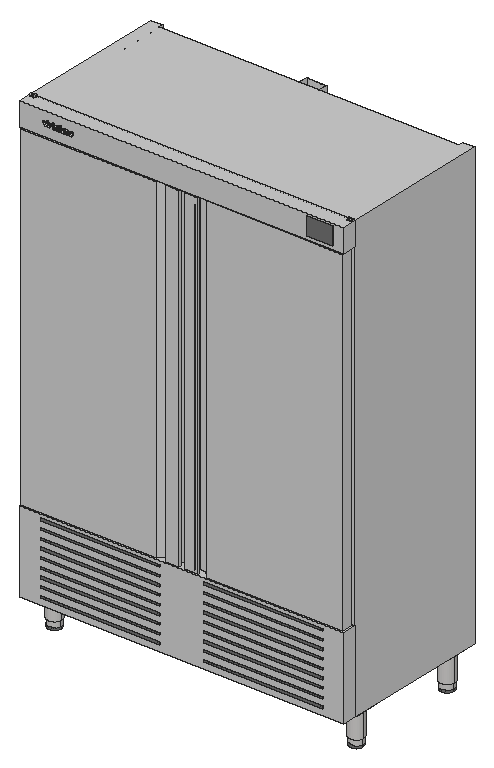
Revit family "QF_INFRICO_AN1002TF_250808093826", category Specialty Equipment, Revit 2021 (continued)
Definition of nested family "QF_INFRICO_LEGS_REACH_INS_5307"
  Definition of nested family "QF_INFRICO_LEGS"
    Parameters
      Default Elevation = 0 mm
    Reference planes
      plane 1 "Center (Front/Back)": y = 0
      plane 2: z = 0
      plane 3 "Center (Left/Right)": x = 0
      plane 4 "Top": z = 140
    Forms (mm)
      Extrusion 1, solid
        sketch origin (0, 0, 140) x (0, 1, 0) y (-1, 0, 0)
          loop
            line (50, 45) -> (-50, 45) -> (-50, -45) -> (50, -45) -> (50, 45)
        from 0 to -3
      Extrusion 2, solid
        sketch origin (-199.986, 580, 0) x (1, 0, 0) y (0, 1, 0)
          loop
            circle (199.986, -580) r 28
        from 9 to 35
      Extrusion 3, solid
        sketch origin (-199.986, 580, 0) x (1, 0, 0) y (0, 1, 0)
          loop
            circle (199.986, -580) r 28.5
        from 0 to 9
      Sweep 4, solid
        path origin (0, 0, 0) x (0, 1, 0) y (0, 0, 1)
          loop
            line (0, 137) -> (0, 35)
        profile origin (0, 0, 86) x (1, 0, 0) y (0, 1, 0)
          loop
            circle (0, 0) r 32
    Dimensions and locks
      "Height": plane 4 "Top" to plane 2
      aligned and locked: level to plane 2
    Automatic sketch dimensions
      plane 1 "Center (Front/Back)" to Extrusion 1 sketch curve = 50 mm
      Extrusion 1 sketch curve to plane 1 "Center (Front/Back)" = 50 mm
      plane 3 "Center (Left/Right)" to Extrusion 1 sketch curve = 45 mm
      Extrusion 1 sketch curve to plane 3 "Center (Left/Right)" = 45 mm
      plane 1 "Center (Front/Back)" to Extrusion 2 sketch curve = 0 mm
      Extrusion 2 sketch curve to plane 3 "Center (Left/Right)" = 0 mm
      plane 1 "Center (Front/Back)" to Extrusion 3 sketch curve = 0 mm
      Extrusion 3 sketch curve to plane 3 "Center (Left/Right)" = 0 mm
      Sweep 4 sketch curve to plane 1 "Center (Front/Back)" = 0 mm
      level to Sweep 4 sketch curve = 35 mm
      Sweep 4 sketch curve to plane 4 "Top" = 3 mm
      Sweep 4 sketch curve to plane 3 "Center (Left/Right)" = 0 mm
      profile plane to Sweep 4 sketch curve = 0 mm
      radius of Extrusion 2 sketch curve = 28 mm
      radius of Extrusion 3 sketch curve = 28.5 mm
      radius of Sweep 4 sketch curve = 32 mm
Definition of nested family "CONN_POINT_DRAIN_2D___Generic_Annotation"
  Parameters (values of type "CONN_POINT_DRAIN_2D___Generic_Annotation")
    Onboard connection annotation symbol visibility [instance] = yes
  Reference planes
    plane 1: y = 0
    plane 2: x = 0
  Lines and regions (mm)
    detail lines, visible <- "Onboard connection annotation symbol visibility"
      curve 1: circle (0, 0, 0) r 0.5 normal (0, 0, 1)
      curve 2: line (-1, 0, 0) -> (1, 0, 0)
      curve 3: line (0, 1, 0) -> (0, -1, 0)
      curve 4: line (1.776, 1, 0) -> (1.25, 1, 0)
      curve 5: line (1.25, 1, 0) -> (1.25, -1, 0)
      curve 6: line (1.25, -1, 0) -> (1.776, -1, 0)
      curve 7: arc (2.206, -0.862, 0) -> (2.459, -0.589, 0) -> (2.583, -0.238, 0) r 0.918
      curve 8: arc (2.583, 0.238, 0) -> (2.459, 0.589, 0) -> (2.206, 0.862, 0) r 0.918
      curve 9: arc (2.583, -0.238, 0) -> (2.599, 0, 0) -> (2.583, 0.238, 0) r 1.77
      curve 10: arc (2.206, 0.862, 0) -> (2.002, 0.965, 0) -> (1.776, 1, 0) r 0.741
      curve 11: arc (1.776, -1, 0) -> (2.002, -0.965, 0) -> (2.206, -0.862, 0) r 0.741
Definition of nested family "CONN_POINT_ELE_2D___Generic_Annotation"
  Parameters (values of type "CONN_POINT_ELE_2D___Generic_Annotation")
    Onboard connection annotation symbol visibility [instance] = yes
  Reference planes
    plane 1: y = 0
    plane 2: x = 0
  Lines and regions (mm)
    detail lines, visible <- "Onboard connection annotation symbol visibility"
      curve 1: circle (0, 0, 0) r 0.5 normal (0, 0, 1)
      curve 2: line (-1, 0, 0) -> (1, 0, 0)
      curve 3: line (0, 1, 0) -> (0, -1, 0)
      curve 4: line (2.5, 1, 0) -> (1.25, 1, 0)
      curve 5: line (1.25, 1, 0) -> (1.25, -1, 0)
      curve 6: line (1.25, -1, 0) -> (2.5, -1, 0)
      curve 7: line (1.25, 0, 0) -> (2, 0, 0)
